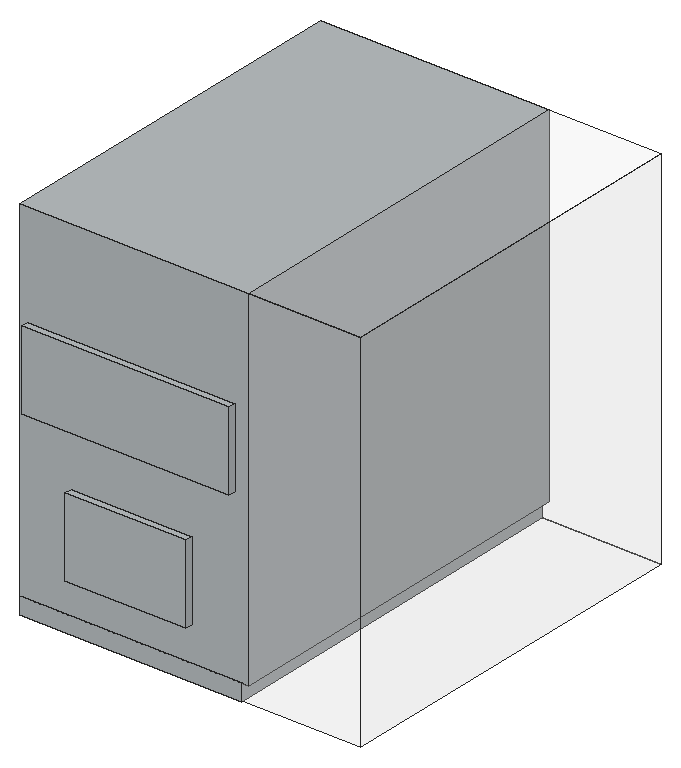
Revit family "lp-500x4-50_50Hz", category 機械設備, Revit 2019
Family settings
  丸型コネクタ寸法 = 直径を使用
  パーツ タイプ = 標準
  OmniClass 番号 = 23.75.10.34.21
  OmniClass タイトル = Heat Exchangers for Ventilation Air
  作業面ベース = いいえ
  常に垂直 = はい
  ロード時にボイドで切り取り = いいえ
  共有 = いいえ
  部屋計算ポイント = はい
Parameters (values of type "LP-500X4-50")
  騒音レベル(dB(A)) = 57.5
  風量 = 5000.0 m³/h
  面風速 = 5.17 m/s
  電源種別 [instance] = ""
  電圧 = 200 V
  電動機出力 = 3.7 W
  集中コントローラ = ""
  運転質量 = 0.00 kg
  連動 [instance] = ""
  質量 = if(製品質量 > 運転質量, 製品質量, 運転質量) * 1.2  # 786.00 kg
  負荷分類 = 3_ファン類
  説明 = "設備用ロスナイ ビル用ロスナイパック形"
  設計風量 = 0.0 m³/h
  設置方法 = "床置形"
  記号 [instance] = ""
  製造元 = "三菱電機株式会社"
  製品質量 = 655.00 kg
  製品出荷対象 = "国内"
  製品リリース年月 = "2018/7/25"
  製品グループ = ""
  系統 [instance] = ""
  符号 = "HEU"
  積算_科目 = "1 空気調和設備"
  積算_拾い区分 [instance] = ""
  相 = 3
  盤記号 [instance] = ""
  発停方法 [instance] = ""
  特殊仕様 [instance] = ""
  火災停止 [instance] = ""
  温度交換効率 = 77.00%
  消費電力 = 5600 W
  法定耐用年数 = "15"
  機外静圧_排気 = 380.0 Pa
  機外静圧 = 380.0 Pa
  極数 = 3
  材質 [instance] = ""
  本体固定用穴ピッチ2 = 565 mm
  本体固定用穴ピッチ1 = 1930 mm
  本体固定用穴_径 = 20 mm
  本体マテリアル = 溶融亜鉛めっき鋼板
  操作・制御方式 = ""
  操作・制御スイッチ = ""
  排気量 = 0.0 m³/h
  形式 = "床置形"
  幹線記号 [instance] = ""
  対象室 [instance] = ""
  実風量 = 0.0 m³/h
  始動方式 [instance] = "直入"
  外気量 = 0.0 m³/h
  呼称 = "全熱交換ユニット"
  周波数 = 50 Hz
  参照している仕様書等のバージョン = "公共建築工事標準仕様書（機械設備工事編）平成31年度版"
  初期抵抗 = 0.0 Pa
  分類コード = "50052504100050"
  分類グループ = ""
  価格 = 7461000
  企業コード = "108420"
  付属品_フィルター_還気 = ""
  付属品_フィルター = ""
  付属品 [instance] = ""
  仕様書バージョン = "Version1.0"
  モデル = "LP-500X4-50"
  メンテナンススペース = yes
  コメント [instance] = ""
  Keynote = ""
  エンタルピ交換効率_暖房 = 66.00%
  エンタルピ交換効率_冷房 = 60.00%
  Assembly Code = ""
  Width = 1218 mm
  W1 = 1180 mm
  Version = ""
  Uniclass2015Version = "Systems v1.9"
  Uniclass2015Title = "Thermal wheels"
  Uniclass2015Code = "Pr_60_60_36_88"
  URL = "https://www.mitsubishielectric.co.jp/ldg/wink/ssl/displayProduct.do?pid=294064"
  SpecificationReference = ""
  SpecificationDescription = ""
  SAサイズ_W = 640 mm
  SAサイズ_D = 420 mm
  Revision = ""
  RAダクト接続_通常 = yes
  RAダクト接続_変更2 = no
  RAダクト接続_変更1 = no
  RAサイズ_W = 1100 mm
  RAサイズ_D = 420 mm
  ProductInformation = ""
  OmniClassCode = "23-27 23 19 11"
  OAダクト接続_通常 = yes
  OAダクト接続_変更2 = no
  OAダクト接続_変更1 = no
  OAサイズ_W = 1100 mm
  OAサイズ_D = 420 mm
  MIN風量 = 0.0 m³/h
  MIN静圧 = 0.0 Pa
  MID風量 = 0.0 m³/h
  MID静圧 = 0.0 Pa
  MAX風量 = 5000.0 m³/h
  MAX静圧 = 380.0 Pa
  IfcTypeProduct = ""
  IfcProduct = ""
  IfcExportType = "ROTARYWHEEL"
  IfcExportAs = "IfcAirToAirHeatRecoveryType"
  Height = 1870 mm
  H1 = 90 mm
  EAサイズ_W = 640 mm
  EAサイズ_D = 420 mm
  Duct_SA_W = 273 mm
  Duct_SA_H = 274 mm
  Duct_RA_W = 43 mm
  Duct_RA_H = 296 mm
  Duct_RA_D = 49 mm
  Duct_Pitch1 = 80 mm
  Duct_OA_W = 43 mm
  Duct_OA_H = 296 mm
  Duct_OA_D = 49 mm
  Duct_Height = 41 mm
  Duct_EA_W = 273 mm
  Duct_EA_H = 274 mm
  Depth = 2000 mm
  D1 = 2000 mm
  Clearance Top = 0 mm
  Clearance Right = 600 mm
  Clearance Left = 0 mm
  Clearance Front = 0 mm
  Clearance Bottom = 0 mm
  Clearance Back = 0 mm
  Author = "三菱電機株式会社"
Reference planes
  plane 1 "中心(正面/背面)": y = 0
  plane 2: z = 0
  plane 3 "中心(左/右)": x = 0
  plane 4: x = 590
  plane 5: x = 628
  plane 6: y = 1000
  plane 7: y = 1000
  plane 8: y = -1000
  plane 9: y = -1000
  plane 10: x = -590
  plane 11: x = -590
  plane 12: y = 741
  plane 13: y = -741
  plane 14: y = -531
  plane 15: y = -951
  plane 16: y = 951
  plane 17: y = 531
  plane 18: x = -547
  plane 19: x = 553
  plane 20: z = 90
  plane 21: z = 1960
  plane 22: z = 2001
  plane 23: y = 565
  plane 24: y = -565
  plane 25: x = -965
  plane 26: x = 965
  plane 27: x = 1228
  plane 28: x = -590
  plane 29: y = 1000
  plane 30: y = -1000
  plane 31: z = 1960
  plane 32: z = 0
  plane 33: x = -317
  plane 34: x = 323
  plane 35: z = 274
  plane 36: z = 694
  plane 37: z = 990
  plane 38: z = 1410
  plane 39: x = -547
  plane 40: x = 553
  plane 41: y = -1041
  plane 42: y = 1041
  plane 43: x = -317
  plane 44: x = 323
  plane 45: z = 274
  plane 46: z = 694
  plane 47: z = 990
  plane 48: z = 1410
  plane 49: z = 1490
  plane 50: z = 1910
  plane 51: z = 1910
  plane 52: z = 1490
Forms (mm)
  Extrusion 1, solid, material "溶融亜鉛めっき鋼板" <- "本体マテリアル", detail levels fine
    sketch origin (0, 0, 0) x (1, 0, 0) y (0, 1, 0)
      loop
        line (-590, 1000) -> (-590, -1000) -> (628, -1000) -> (628, 1000) -> (-590, 1000)
    from 90 to 1960
  Extrusion 2, solid, material "溶融亜鉛めっき鋼板" <- "本体マテリアル", detail levels fine
    sketch origin (0, 0, 0) x (1, 0, 0) y (0, 1, 0)
      loop
        line (-590, 1000) -> (-590, -1000) -> (590, -1000) -> (590, 1000) -> (-590, 1000)
    from 0 to 90
  Extrusion 3, solid, material "溶融亜鉛めっき鋼板" <- "本体マテリアル", visible <- "RAダクト接続_変更1", detail levels fine
    sketch origin (0, 0, 0) x (1, 0, 0) y (0, 1, 0)
      loop
        line (-547, -951) -> (553, -951) -> (553, -531) -> (-547, -531) -> (-547, -951)
    from 1960 to 2001
  Extrusion 4, solid, material "溶融亜鉛めっき鋼板" <- "本体マテリアル", visible <- "OAダクト接続_変更1", detail levels fine
    sketch origin (0, 0, 0) x (1, 0, 0) y (0, 1, 0)
      loop
        line (-547, 951) -> (-547, 531) -> (553, 531) -> (553, 951) -> (-547, 951)
    from 1960 to 2001
  Extrusion 5, solid, material "溶融亜鉛めっき鋼板" <- "本体マテリアル", detail levels fine
    sketch origin (0, 0, 0) x (1, 0, 0) y (0, 0, 1)
      loop
        line (-317, 274) -> (323, 274) -> (323, 694) -> (-317, 694) -> (-317, 274)
    from 1000 to 1041
  Extrusion 6, solid, material "溶融亜鉛めっき鋼板" <- "本体マテリアル", detail levels fine
    sketch origin (0, 0, 0) x (1, 0, 0) y (0, 0, 1)
      loop
        line (323, 694) -> (-317, 694) -> (-317, 274) -> (323, 274) -> (323, 694)
    from -1041 to -1000
  Extrusion 7, solid, material "溶融亜鉛めっき鋼板" <- "本体マテリアル", visible <- "OAダクト接続_通常", detail levels fine
    sketch origin (0, -420, 0) x (1, 0, 0) y (0, 0, 1)
      loop
        line (-547, 990) -> (553, 990) -> (553, 1410) -> (-547, 1410) -> (-547, 990)
    from -1461 to -1420
  Extrusion 8, solid, material "溶融亜鉛めっき鋼板" <- "本体マテリアル", visible <- "RAダクト接続_通常", detail levels fine
    sketch origin (0, 240, 0) x (1, 0, 0) y (0, 0, 1)
      loop
        line (-547, 1410) -> (-547, 990) -> (553, 990) -> (553, 1410) -> (-547, 1410)
    from 1240 to 1281
  Extrusion 9, solid, material "溶融亜鉛めっき鋼板" <- "本体マテリアル", visible <- "OAダクト接続_変更2", detail levels fine
    sketch origin (0, 0, 0) x (1, 0, 0) y (0, 0, 1)
      loop
        line (553, 1490) -> (553, 1910) -> (-547, 1910) -> (-547, 1490) -> (553, 1490)
    from -1041 to -1000
  Extrusion 10, solid, material "溶融亜鉛めっき鋼板" <- "本体マテリアル", visible <- "RAダクト接続_変更2", detail levels fine
    sketch origin (0, 0, 0) x (1, 0, 0) y (0, 0, 1)
      loop
        line (553, 1490) -> (553, 1910) -> (-547, 1910) -> (-547, 1490) -> (553, 1490)
    from 1000 to 1041
Lines and regions (mm)
  Masking region 1, detail levels coarse+medium
    outline origin (1331.5, 88, 0) x (1, 0, 0) y (0, 1, 0)
      loop
        line (-1921.5, 912) -> (-1921.5, -1088) -> (-741.5, -1088) -> (-741.5, 912) -> (-1921.5, 912)
  symbolic lines, detail levels coarse+medium
    curve 1: line (0, 1000, 0) -> (-590, 0, 0)
    curve 2: line (-590, 0, 0) -> (0, -1000, 0)
    curve 3: line (0, -1000, 0) -> (590, 0, 0)
    curve 4: line (0, 1000, 0) -> (590, 0, 0)
Dimensions and locks
  equal spacing: plane 10, plane 3 "中心(左/右)", plane 4
  "W1": plane 10 to plane 4
  "Width": plane 11 to plane 5
  equal spacing: plane 7, plane 1 "中心(正面/背面)", plane 9
  "D1": plane 7 to plane 9
  equal spacing: plane 6, plane 1 "中心(正面/背面)", plane 8
  "Depth": plane 6 to plane 8
  equal spacing: plane 15, plane 13, plane 14
  "RAサイズ_D": plane 15 to plane 14
  equal spacing: plane 17, plane 12, plane 16
  "OAサイズ_D": plane 17 to plane 16
  "RAサイズ_W": plane 18 to plane 19
  locked: plane 11 to plane 10 at 0
  "H1": plane 20 to level
  "Height": plane 21 to plane 20
  "Duct_Height": plane 22 to plane 21
  "本体固定用穴ピッチ2": plane 1 "中心(正面/背面)" to plane 23
  "本体固定用穴ピッチ2": plane 24 to plane 1 "中心(正面/背面)"
  equal spacing: plane 25, plane 3 "中心(左/右)", plane 26
  "本体固定用穴ピッチ1": plane 25 to plane 26
  "Clearance Right": plane 5 to plane 27
  "Clearance Left": plane 28 to plane 11
  "Clearance Back": plane 29 to plane 6
  "Clearance Front": plane 8 to plane 30
  "Clearance Top": plane 31 to plane 21
  "Clearance Bottom": level to plane 32
  "Duct_RA_D": plane 8 to plane 15
  "Duct_OA_D": plane 6 to plane 16
  "Duct_SA_H": plane 35 to level
  "SAサイズ_D": plane 36 to plane 35
  "Duct_RA_H": plane 37 to plane 36
  "RAサイズ_D": plane 38 to plane 37
  "OAサイズ_W": plane 39 to plane 40
  "Duct_OA_W": plane 11 to plane 39
  "Duct_RA_W": plane 11 to plane 18
  "Duct_Height": plane 8 to plane 41
  "SAサイズ_W": plane 34 to plane 33
  "Duct_Height": plane 42 to plane 6
  "Duct_SA_W": plane 33 to plane 11
  "EAサイズ_D": plane 46 to plane 45
  "Duct_EA_H": plane 45 to level
  "Duct_EA_W": plane 43 to plane 11
  "EAサイズ_W": plane 44 to plane 43
  "OAサイズ_D": plane 48 to plane 47
  "Duct_OA_H": plane 47 to plane 46
  "Duct_Pitch1": plane 49 to plane 38
  "RAサイズ_D": plane 50 to plane 49
  "Duct_Pitch1": plane 52 to plane 48
  "OAサイズ_D": plane 51 to plane 52
  aligned and locked: level to plane 2
  aligned and locked: Extrusion 1 sketch curve to plane 6
  aligned and locked: plane 10 to Extrusion 1 sketch curve
  aligned and locked: Extrusion 1 sketch curve to plane 8
  aligned and locked: Extrusion 2 sketch curve to plane 7
  aligned and locked: plane 11 to Extrusion 2 sketch curve
  aligned and locked: Extrusion 2 sketch curve to plane 9
  aligned and locked: plane 15 to Extrusion 3 sketch curve
  aligned and locked: Extrusion 3 sketch curve to plane 18
  aligned and locked: plane 14 to Extrusion 3 sketch curve
  aligned and locked: Extrusion 3 sketch curve to plane 19
  aligned and locked: plane 9 to Masking region 1
  aligned and locked: Masking region 1 to plane 11
  aligned and locked: plane 7 to Masking region 1
  aligned and locked: Masking region 1 to curve 1
  aligned and locked: Masking region 1 to curve 2
  aligned and locked: plane 20 to Extrusion 2
  aligned and locked: plane 21 to Extrusion 1
  aligned and locked: Extrusion 1 to plane 20
  aligned and locked: plane 22 to Extrusion 3
  aligned and locked: Extrusion 3 to plane 21
  aligned and locked: plane 27 to nested 1
  aligned and locked: nested 1 to plane 30
  aligned and locked: nested 1 to plane 29
  aligned and locked: nested 1 to plane 31
  aligned and locked: nested 1 to plane 32
  aligned and locked: plane 9 to curve 2
  aligned and locked: plane 3 "中心(左/右)" to curve 3
  aligned and locked: plane 4 to curve 3
  aligned and locked: plane 3 "中心(左/右)" to curve 4
  aligned and locked: plane 1 "中心(正面/背面)" to curve 4
  aligned and locked: nested 2 to plane 24
  aligned and locked: plane 25 to nested 2
  aligned and locked: nested 2 to plane 26
  aligned and locked: plane 25 to nested 3
  aligned and locked: nested 3 to plane 26
  aligned and locked: plane 1 "中心(正面/背面)" to nested 3
  aligned and locked: plane 25 to nested 4
  aligned and locked: nested 4 to plane 26
  aligned and locked: nested 4 to plane 23
  aligned and locked: nested 1 to plane 28
  aligned and locked: Masking region 1 to plane 4
  aligned and locked: plane 4 to Extrusion 2 sketch curve
  aligned and locked: plane 5 to Extrusion 1 sketch curve
  aligned and locked: Extrusion 4 sketch curve to plane 16
  aligned and locked: plane 18 to Extrusion 4 sketch curve
  aligned and locked: Extrusion 4 sketch curve to plane 17
  aligned and locked: plane 22 to Extrusion 4
  aligned and locked: Extrusion 4 to plane 21
  aligned and locked: Extrusion 5 sketch curve to plane 35
  aligned and locked: Extrusion 5 sketch curve to plane 33
  aligned and locked: plane 36 to Extrusion 5 sketch curve
  aligned and locked: Extrusion 5 sketch curve to plane 34
  aligned and locked: Extrusion 5 to plane 41
  aligned and locked: Extrusion 5 to plane 8
  aligned and locked: Extrusion 6 to plane 42
  aligned and locked: Extrusion 6 to plane 6
  aligned and locked: Extrusion 7 to plane 42
  aligned and locked: Extrusion 7 to plane 6
  aligned and locked: Extrusion 8 sketch curve to plane 38
  aligned and locked: plane 18 to Extrusion 8 sketch curve
  aligned and locked: Extrusion 8 sketch curve to plane 37
  aligned and locked: plane 19 to Extrusion 8 sketch curve
  aligned and locked: Extrusion 8 to plane 41
  aligned and locked: Extrusion 8 to plane 8
  aligned and locked: plane 46 to Extrusion 6 sketch curve
  aligned and locked: plane 44 to Extrusion 6 sketch curve
  aligned and locked: Extrusion 6 sketch curve to plane 45
  aligned and locked: Extrusion 6 sketch curve to plane 43
  aligned and locked: Extrusion 7 sketch curve to plane 47
  aligned and locked: Extrusion 7 sketch curve to plane 18
  aligned and locked: plane 48 to Extrusion 7 sketch curve
  aligned and locked: plane 40 to Extrusion 4 sketch curve
  aligned and locked: Extrusion 7 sketch curve to plane 40
  aligned and locked: plane 52 to Extrusion 9 sketch curve
  aligned and locked: plane 40 to Extrusion 9 sketch curve
  aligned and locked: Extrusion 9 sketch curve to plane 51
  aligned and locked: Extrusion 9 to plane 42
  aligned and locked: Extrusion 9 to plane 6
  aligned and locked: Extrusion 10 sketch curve to plane 49
  aligned and locked: plane 19 to Extrusion 10 sketch curve
  aligned and locked: Extrusion 10 sketch curve to plane 50
  aligned and locked: plane 18 to Extrusion 10 sketch curve
  aligned and locked: plane 39 to Extrusion 9 sketch curve
  aligned and locked: Extrusion 10 to plane 41
  aligned and locked: Extrusion 10 to plane 8
Automatic sketch dimensions
  plane 1 "中心(正面/背面)" to curve 1 = 0 mm
  curve 1 to plane 10 = 0 mm
  curve 4 to plane 7 = 0 mm
  plane 9 to Masking region 1 sketch curve = 0 mm
  Masking region 1 sketch curve to plane 10 = 0 mm
  Masking region 1 sketch curve to plane 4 = 0 mm
  Masking region 1 sketch curve to plane 7 = 0 mm
Nested families
  nested 1: "メンテナンススペース" at (319, 0, 980), visible <- "メンテナンススペース", type "メンテナンススペース"
    with Width 1818 mm, Height 1960 mm, Depth 2000 mm
  nested 2: "固定点" at (-965, -565, 0), type "固定点"
    with W 1930 mm, D 1000 mm
  nested 3: "固定点" at (-965, 0, 0), type "固定点"
    with W 1930 mm, D 1000 mm
  nested 4: "固定点" at (-965, 565, 0), type "固定点"
    with W 1930 mm, D 1000 mm
Connectors
  electrical at (628, 0, 1025), driven by "極数", driven by "負荷分類", driven by "電圧", driven by "消費電力"
    settings: on Extrusion 1, index 5, voltage 200 V, apparent load 5600 VA, apparent load phase1 0 VA, apparent load phase2 0 VA, apparent load phase3 0 VA, power factor 1, load classification "3_ファン類", number of poles 3, system type 30, power factor state 1, is connector primary yes, connector utility no, sub classification motor no, connector description ""
  hvac at (3, -1041, 484), driven by "SAサイズ_D", driven by "SAサイズ_W", driven by "機外静圧", driven by "風量"
    settings: on Extrusion 5, index 6, duct flow 5000.0 m³/h, flow factor 0, pres drop 380.0 Pa, loss coef 0, conn angle 0.00°, conn width 640 mm, conn height 420 mm, conn diameter 609.6 mm, duct sys type 1, conn prof type 1, flow config 0, flow direction 2, loss method 4, conn ref index -1, conn util no, is conn primary yes, conn desc ""
  hvac at (3, -1041, 1200), driven by "RAサイズ_D", driven by "RAサイズ_W", driven by "機外静圧", driven by "風量"
    settings: on Extrusion 8, index 8, duct flow 5000.0 m³/h, flow factor 0, pres drop 380.0 Pa, loss coef 0, conn angle 0.00°, conn width 1100 mm, conn height 420 mm, conn diameter 609.6 mm, duct sys type 2, conn prof type 1, flow config 0, flow direction 1, loss method 4, conn ref index -1, conn util no, is conn primary no, conn desc ""
  hvac at (3, -741, 2001), driven by "RAサイズ_D", driven by "RAサイズ_W"
    settings: on Extrusion 3, index 9, duct flow 0.0 m³/h, flow factor 0, pres drop 0.0 Pa, loss coef 0, conn angle 0.00°, conn width 1100 mm, conn height 420 mm, conn diameter 609.6 mm, duct sys type 2, conn prof type 1, flow config 0, flow direction 1, loss method 4, conn ref index -1, conn util no, is conn primary no, conn desc ""
  hvac at (3, 741, 2001), driven by "OAサイズ_D", driven by "OAサイズ_W", driven by "機外静圧", driven by "風量"
    settings: on Extrusion 4, index 10, duct flow 5000.0 m³/h, flow factor 0, pres drop 380.0 Pa, loss coef 0, conn angle 0.00°, conn width 1100 mm, conn height 420 mm, conn diameter 609.6 mm, duct sys type 4, conn prof type 1, flow config 0, flow direction 1, loss method 4, conn ref index -1, conn util no, is conn primary no, conn desc ""
  hvac at (3, 1041, 1200), driven by "OAサイズ_D", driven by "OAサイズ_W", driven by "機外静圧", driven by "風量"
    settings: on Extrusion 7, index 11, duct flow 5000.0 m³/h, flow factor 0, pres drop 380.0 Pa, loss coef 0, conn angle 0.00°, conn width 1100 mm, conn height 420 mm, conn diameter 609.6 mm, duct sys type 4, conn prof type 1, flow config 0, flow direction 1, loss method 4, conn ref index -1, conn util no, is conn primary no, conn desc ""
  hvac at (3, 1041, 484), driven by "EAサイズ_D", driven by "EAサイズ_W", driven by "機外静圧_排気", driven by "排気量"
    settings: on Extrusion 6, index 12, duct flow 0.0 m³/h, flow factor 0, pres drop 380.0 Pa, loss coef 0, conn angle 0.00°, conn width 640 mm, conn height 420 mm, conn diameter 609.6 mm, duct sys type 3, conn prof type 1, flow config 0, flow direction 2, loss method 4, conn ref index -1, conn util no, is conn primary no, conn desc ""
  hvac at (3, -1041, 1700), driven by "RAサイズ_D", driven by "RAサイズ_W", driven by "機外静圧", driven by "風量"
    settings: on Extrusion 10, index 13, duct flow 5000.0 m³/h, flow factor 0, pres drop 380.0 Pa, loss coef 0, conn angle 0.00°, conn width 1100 mm, conn height 420 mm, conn diameter 609.6 mm, duct sys type 2, conn prof type 1, flow config 0, flow direction 1, loss method 4, conn ref index -1, conn util no, is conn primary no, conn desc ""
  hvac at (3, 1041, 1700), driven by "OAサイズ_D", driven by "OAサイズ_W", driven by "機外静圧", driven by "風量"
    settings: on Extrusion 9, index 14, duct flow 5000.0 m³/h, flow factor 0, pres drop 380.0 Pa, loss coef 0, conn angle 0.00°, conn width 1100 mm, conn height 420 mm, conn diameter 609.6 mm, duct sys type 4, conn prof type 1, flow config 0, flow direction 1, loss method 4, conn ref index -1, conn util no, is conn primary no, conn desc ""
Definition of nested family "メンテナンススペース"
  Parameters (values of type "メンテナンススペース")
    Width [instance] = 500 mm
    Height [instance] = 500 mm
    Depth [instance] = 500 mm
  Reference planes
    plane 1 "中心(正面/背面)": y = 0
    plane 2: z = 0
    plane 3 "中心(左/右)": x = 0
    plane 4: y = -250
    plane 5: x = 250
    plane 6: y = 250
    plane 7: x = -250
    plane 8: z = 250
    plane 9: z = -250
  Forms (mm)
    Extrusion 1, solid
      sketch origin (-638.939, 0, 72.39) x (1, 0, 0) y (0, 1, 0)
        loop
          line (388.939, 250) -> (388.939, -250) -> (888.939, -250) -> (888.939, 250) -> (388.939, 250)
      from -322.39 to 177.61
  Lines and regions (mm)
    symbolic lines
      curve 1: line (-250, 0, 250) -> (250, 0, 250)
      curve 2: line (-250, 0, -250) -> (-250, 0, 250)
      curve 3: line (250, 0, -250) -> (-250, 0, -250)
      curve 4: line (250, 0, 250) -> (250, 0, -250)
      curve 5: line (0, -250, 250) -> (0, 250, 250)
      curve 6: line (0, -250, -250) -> (0, -250, 250)
      curve 7: line (0, 250, -250) -> (0, -250, -250)
      curve 8: line (0, 250, 250) -> (0, 250, -250)
      curve 9: line (-250, 250, 0) -> (250, 250, 0)
      curve 10: line (-250, -250, 0) -> (-250, 250, 0)
      curve 11: line (250, -250, 0) -> (-250, -250, 0)
      curve 12: line (250, 250, 0) -> (250, -250, 0)
  Dimensions and locks
    equal spacing: plane 7, plane 3 "中心(左/右)", plane 5
    equal spacing: plane 4, plane 1 "中心(正面/背面)", plane 6
    "Depth": plane 4 to plane 6
    "Width": plane 7 to plane 5
    equal spacing: plane 8, plane 2, plane 9
    "Height": plane 8 to plane 9
    aligned and locked: plane 9 to curve 3
    aligned and locked: plane 7 to curve 2
    aligned and locked: curve 4 to plane 5
    aligned and locked: plane 5 to Extrusion 1
    aligned and locked: Extrusion 1 to plane 7
    aligned and locked: Extrusion 1 to plane 9
    aligned and locked: plane 8 to Extrusion 1
    aligned and locked: plane 9 to curve 7
  Automatic sketch dimensions
    plane 4 to Extrusion 1 sketch curve = 0 mm
    Extrusion 1 sketch curve to plane 7 = 0 mm
    Extrusion 1 sketch curve to plane 5 = 0 mm
    plane 6 to Extrusion 1 sketch curve = 0 mm
    curve 2 to plane 8 = 0 mm
    plane 4 to curve 11 = 0 mm
    curve 11 to plane 7 = 0 mm
    curve 11 to plane 5 = 0 mm
    plane 6 to curve 10 = 0 mm
    curve 7 to plane 4 = 0 mm
    curve 7 to plane 6 = 0 mm
    curve 6 to plane 8 = 0 mm
Definition of nested family "固定点"
  Parameters (values of type "固定点")
    中心円 = 20 mm
    W [instance] = 1000 mm
    D [instance] = 1000 mm
  Reference planes
    plane 1 "中心(正面/背面)": y = 0
    plane 2: z = 0
    plane 3 "中心(左/右)": x = 0
    plane 4: x = 1000
  Lines and regions (mm)
    symbolic lines, detail levels fine
      curve 1: circle (0, 0, 0) r 10 normal (0, 0, 1)
      curve 2: circle (1000, 0, 0) r 10 normal (0, 0, 1)
      curve 3: line (-200, 0, 0) -> (1200, 0, 0)
      curve 4: line (0, 200, 0) -> (0, -200, 0)
      curve 5: line (1000, 200, 0) -> (1000, -200, 0)
  Dimensions and locks
    "W": plane 3 "中心(左/右)" to plane 4
    "中心円": diameter of curve 1
    "中心円": diameter of curve 2
    aligned and locked: level to plane 2
    aligned and locked: plane 3 "中心(左/右)" to curve 1
    aligned and locked: plane 1 "中心(正面/背面)" to curve 1
    aligned and locked: plane 1 "中心(正面/背面)" to curve 2
    aligned and locked: plane 4 to curve 2
    aligned and locked: plane 1 "中心(正面/背面)" to curve 3
    aligned and locked: curve 4 to plane 3 "中心(左/右)"
    aligned and locked: curve 5 to plane 4
  Automatic sketch dimensions
    curve 3 to plane 3 "中心(左/右)" = 200 mm
    curve 2 to curve 3 = 200 mm
    plane 1 "中心(正面/背面)" to curve 4 = 200 mm
    plane 1 "中心(正面/背面)" to curve 5 = 200 mm
    curve 5 to plane 1 "中心(正面/背面)" = 200 mm
    curve 4 to plane 1 "中心(正面/背面)" = 200 mm
